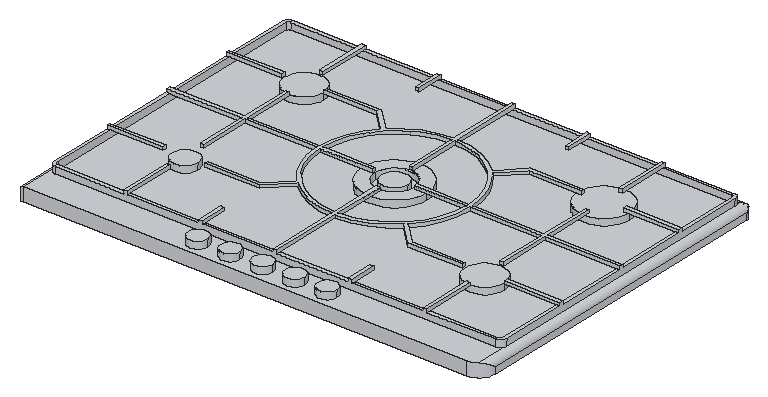
Revit family
Parameters
  s/s Thickness = 20 mm
  Width = 720 mm
  Stainless Steel = none
  Height from FFL = 900 mm
  Depth = 520 mm
  Cast Iron = none
  Burner Diameter = 60 mm
Reference planes
  plane 1: z = 0
  plane 2 "Center (Left/Right)": x = 0
  plane 3: x = -360
  plane 4: x = 360
  plane 5: y = 260
  plane 6: y = -260
  plane 7: z = 900
  plane 8: z = 920
  plane 9: y = 250
  plane 10: y = -235
  plane 11: x = -350
  plane 12: x = 350
  plane 13: z = 910
  plane 14: z = 930
  plane 15: z = 935
  plane 16: y = 0
  plane 17: y = -210
  plane 18: x = -100
  plane 19: x = -75
  plane 20: x = -50
  plane 21: x = -25
  plane 22: x = 100
  plane 23: x = 75
  plane 24: x = 50
  plane 25: x = 25
  plane 26: y = 135
  plane 27: y = -95
  plane 28: y = 20
  plane 29: x = -229.167
  plane 30: x = 229.167
  plane 31: y = 52.5
  plane 32: y = 102.5
  plane 33: y = -12.5
  plane 34: y = -62.5
  plane 35: y = -127.5
  plane 36: y = 167.5
  plane 37: x = -234.167
  plane 38: x = 234.167
  plane 39: x = -231.667
  plane 40: x = -347.5
  plane 41: x = -2.5
  plane 42: x = 2.5
  plane 43: x = 231.667
  plane 44: x = 347.5
  plane 45: x = -115.833
  plane 46: x = -345
  plane 47: x = 345
  plane 48: y = 22.5
  plane 49: y = 17.5
  plane 50: y = -92.5
  plane 51: y = -97.5
  plane 52: y = 132.5
  plane 53: y = 137.5
  plane 54: x = -118.333
  plane 55: x = -113.333
  plane 56: x = 115.833
  plane 57: x = 113.333
  plane 58: x = 118.333
  plane 59: x = -264.167
  plane 60: x = -199.167
  plane 61: x = -148.333
  plane 62: x = -83.333
  plane 63: x = -32.5
  plane 64: x = 199.167
  plane 65: x = 83.333
  plane 66: x = 264.167
  plane 67: x = 32.5
  plane 68: x = 148.333
  plane 69: through (-115.833, 135, 1219.2) normal (0.7071, 0.7071, 0)
  plane 70: through (-114.066, 136.768, 1219.2) normal (0.7071, 0.7071, 0)
  plane 71: through (-117.601, 133.232, 1219.2) normal (0.7071, 0.7071, 0)
  plane 72: through (115.833, 135, 1219.2) normal (0.7071, -0.7071, 0)
  plane 73: through (114.066, 136.768, 1219.2) normal (0.7071, -0.7071, 0)
  plane 74: through (117.601, 133.232, 1219.2) normal (0.7071, -0.7071, 0)
  plane 75: through (-115.833, -95, 1219.2) normal (-0.7071, 0.7071, 0)
  plane 76: through (-117.601, -93.232, 1219.2) normal (-0.7071, 0.7071, 0)
  plane 77: through (-114.066, -96.768, 1219.2) normal (-0.7071, 0.7071, 0)
  plane 78: through (115.833, -95, 1219.2) normal (-0.7071, -0.7071, 0)
  plane 79: through (114.066, -96.768, 1219.2) normal (-0.7071, -0.7071, 0)
  plane 80: through (117.601, -93.232, 1219.2) normal (-0.7071, -0.7071, 0)
Forms (mm)
  Extrusion 1, solid, material <- "Stainless Steel"
    sketch origin (0, 0, 0) x (1, 0, 0) y (0, 1, 0)
      loop
        arc (-350, 260) -> (-357.071, 257.071) -> (-360, 250) r 10
        line (-360, 250) -> (-360, -250)
        arc (-360, -250) -> (-357.071, -257.071) -> (-350, -260) r 10
        line (-350, -260) -> (335, -260)
        arc (335, -260) -> (352.678, -252.678) -> (360, -235) r 25
        line (360, -235) -> (360, 250)
        arc (360, 250) -> (357.071, 257.071) -> (350, 260) r 10
        line (350, 260) -> (-350, 260)
    from 900 to 920
  Extrusion 2, void
    sketch origin (0, 0, 0) x (1, 0, 0) y (0, 0, 1)
      loop
        arc (-360, 910) -> (-357.071, 917.071) -> (-350, 920) r 10
        line (-350, 920) -> (-360, 920) -> (-360, 910)
    from -260 to 260
  Extrusion 3, void
    sketch origin (0, 0, 0) x (1, 0, 0) y (0, 0, 1)
      loop
        line (360, 910) -> (360, 920) -> (350, 920)
        arc (350, 920) -> (357.071, 917.071) -> (360, 910) r 10
    from -260 to 260
  Extrusion 4, void
    sketch origin (0, 0, 0) x (0, 1, 0) y (0, 0, 1)
      loop
        line (260, 910) -> (260, 920) -> (250, 920)
        arc (250, 920) -> (257.071, 917.071) -> (260, 910) r 10
    from -360 to 360
  Sweep 5, solid
    path origin (0, 0, 0) x (1, 0, 0) y (0, 1, 0)
      loop
        line (340, 250) -> (-340, 250)
        arc (-340, 250) -> (-347.071, 247.071) -> (-350, 240) r 10
        line (-350, 240) -> (-350, -200)
        arc (-350, -200) -> (-347.071, -207.071) -> (-340, -210) r 10
        line (-340, -210) -> (340, -210)
        arc (340, -210) -> (347.071, -207.071) -> (350, -200) r 10
        line (350, -200) -> (350, 240)
        arc (350, 240) -> (347.071, 247.071) -> (340, 250) r 10
    profile origin (0, 250, 0) x (0, -1, 0) y (0, 0, 1)
      loop
        line (5, 920) -> (5, 930) -> (0, 930) -> (0, 920) -> (5, 920)
  Extrusion 6, solid
    sketch origin (0, 0, 0) x (1, 0, 0) y (0, 1, 0)
      loop
        circle (0, -235) r 15
    from 920 to 930
  Extrusion 7, solid
    sketch origin (0, 0, 0) x (1, 0, 0) y (0, 1, 0)
      loop
        circle (-50, -235) r 15
    from 920 to 930
  Extrusion 8, solid
    sketch origin (0, 0, 0) x (1, 0, 0) y (0, 1, 0)
      loop
        circle (-100, -235) r 15
    from 920 to 930
  Extrusion 9, solid
    sketch origin (0, 0, 0) x (1, 0, 0) y (0, 1, 0)
      loop
        circle (50, -235) r 15
    from 920 to 930
  Extrusion 10, solid
    sketch origin (0, 0, 0) x (1, 0, 0) y (0, 1, 0)
      loop
        circle (100, -235) r 15
    from 920 to 930
  Extrusion 11, solid
    sketch origin (0, 0, 0) x (1, 0, 0) y (0, 1, 0)
      loop
        circle (0, 20) r 50
      loop
        circle (0, 20) r 30
      loop
        circle (0, 20) r 20
    from 920 to 930
  Extrusion 12, solid
    sketch origin (0, 0, 0) x (1, 0, 0) y (0, 1, 0)
      loop
        circle (-231.667, 135) r 30
    from 920 to 930
  Extrusion 13, solid
    sketch origin (0, 0, 0) x (1, 0, 0) y (0, 1, 0)
      loop
        circle (-231.667, -95) r 20
    from 920 to 930
  Extrusion 14, solid
    sketch origin (0, 0, 0) x (1, 0, 0) y (0, 1, 0)
      loop
        circle (231.667, 135) r 40
    from 920 to 930
  Extrusion 15, solid
    sketch origin (0, 0, 0) x (1, 0, 0) y (0, 1, 0)
      loop
        circle (231.667, -95) r 30
    from 920 to 930
  Extrusion 16, solid
    sketch origin (0, 0, 0) x (1, 0, 0) y (0, 1, 0)
      loop
        line (-234.167, 250) -> (-234.167, 167.5) -> (-229.167, 167.5) -> (-229.167, 250) -> (-234.167, 250)
      loop
        line (-350, 137.5) -> (-350, 132.5) -> (-264.167, 132.5) -> (-264.167, 137.5) -> (-350, 137.5)
      loop
        line (-234.167, 102.5) -> (-234.167, 22.5) -> (-350, 22.5) -> (-350, 17.5) -> (-234.167, 17.5) -> (-234.167, -62.5) -> (-229.167, -62.5) -> (-229.167, 17.5) -> (-118.307, 17.5)
        arc (-118.307, 17.5) -> (-109.438, -25.012) -> (-85.83, -61.461) r 118.333
        line (-85.83, -61.461) -> (-116.869, -92.5) -> (-199.167, -92.5) -> (-199.167, -97.5) -> (-114.798, -97.5) -> (-82.312, -65.014)
        arc (-82.312, -65.014) -> (-45.556, -89.213) -> (-2.5, -98.307) r 118.333
        line (-2.5, -98.307) -> (-2.5, -210) -> (2.5, -210) -> (2.5, -98.307)
        arc (2.5, -98.307) -> (45.556, -89.213) -> (82.312, -65.014) r 118.333
        line (82.312, -65.014) -> (114.798, -97.5) -> (199.167, -97.5) -> (199.167, -92.5) -> (116.869, -92.5) -> (85.83, -61.461)
        arc (85.83, -61.461) -> (109.438, -25.012) -> (118.307, 17.5) r 118.333
        line (118.307, 17.5) -> (229.167, 17.5) -> (229.167, -62.5) -> (234.167, -62.5) -> (234.167, 17.5) -> (350, 17.5) -> (350, 22.5) -> (234.167, 22.5) -> (234.167, 102.5) -> (229.167, 102.5) -> (229.167, 22.5) -> (118.307, 22.5)
        arc (118.307, 22.5) -> (109.438, 65.012) -> (85.83, 101.461) r 118.333
        line (85.83, 101.461) -> (116.869, 132.5) -> (199.167, 132.5) -> (199.167, 137.5) -> (114.798, 137.5) -> (82.312, 105.014)
        arc (82.312, 105.014) -> (45.556, 129.213) -> (2.5, 138.307) r 118.333
        line (2.5, 138.307) -> (2.5, 250) -> (-2.5, 250) -> (-2.5, 138.307)
        arc (-2.5, 138.307) -> (-45.556, 129.213) -> (-82.312, 105.014) r 118.333
        line (-82.312, 105.014) -> (-114.798, 137.5) -> (-199.167, 137.5) -> (-199.167, 132.5) -> (-116.869, 132.5) -> (-85.83, 101.461)
        arc (-85.83, 101.461) -> (-109.438, 65.012) -> (-118.307, 22.5) r 118.333
        line (-118.307, 22.5) -> (-229.167, 22.5) -> (-229.167, 102.5) -> (-234.167, 102.5)
      loop
        line (-32.5, 17.5) -> (-113.306, 17.5)
        arc (-113.306, 17.5) -> (-80.139, -60.139) -> (-2.5, -93.306) r 113.333
        line (-2.5, -93.306) -> (-2.5, -12.5) -> (2.5, -12.5) -> (2.5, -93.306)
        arc (2.5, -93.306) -> (80.139, -60.139) -> (113.306, 17.5) r 113.333
        line (113.306, 17.5) -> (32.5, 17.5) -> (32.5, 22.5) -> (113.306, 22.5)
        arc (113.306, 22.5) -> (80.139, 100.139) -> (2.5, 133.306) r 113.333
        line (2.5, 133.306) -> (2.5, 52.5) -> (-2.5, 52.5) -> (-2.5, 133.306)
        arc (-2.5, 133.306) -> (-80.139, 100.139) -> (-113.306, 22.5) r 113.333
        line (-113.306, 22.5) -> (-32.5, 22.5) -> (-32.5, 17.5)
      loop
        line (-234.167, -127.5) -> (-234.167, -210) -> (-229.167, -210) -> (-229.167, -127.5) -> (-234.167, -127.5)
      loop
        line (-350, -92.5) -> (-350, -97.5) -> (-264.167, -97.5) -> (-264.167, -92.5) -> (-350, -92.5)
      loop
        line (350, -92.5) -> (264.167, -92.5) -> (264.167, -97.5) -> (350, -97.5) -> (350, -92.5)
      loop
        line (229.167, -127.5) -> (229.167, -210) -> (234.167, -210) -> (234.167, -127.5) -> (229.167, -127.5)
      loop
        line (229.167, 250) -> (229.167, 167.5) -> (234.167, 167.5) -> (234.167, 250) -> (229.167, 250)
      loop
        line (264.167, 137.5) -> (264.167, 132.5) -> (350, 132.5) -> (350, 137.5) -> (264.167, 137.5)
      loop
        line (-118.333, 250) -> (-118.333, 208.75) -> (-113.333, 208.75) -> (-113.333, 250) -> (-118.333, 250)
      loop
        line (-118.333, -210) -> (-113.333, -210) -> (-113.333, -168.75) -> (-118.333, -168.75) -> (-118.333, -210)
      loop
        line (113.333, 250) -> (113.333, 208.75) -> (118.333, 208.75) -> (118.333, 250) -> (113.333, 250)
      loop
        line (113.333, -168.75) -> (113.333, -210) -> (118.333, -210) -> (118.333, -168.75) -> (113.333, -168.75)
    from 930 to 935
Cuts and joins
  Extrusion 2, Extrusion 3, Extrusion 4 cuts Extrusion 1
  joined: Sweep 5, Extrusion 16
Lines and regions (mm)
  model lines
    curve 1: circle (0, 20, 920) r 80 normal (0, 0, 1)
    curve 2: circle (0, 20, 920) r 85 normal (0, 0, 1)
Dimensions and locks
  "Width": plane 3 to plane 4
  equal spacing: plane 3, plane 2 "Center (Left/Right)", plane 4
  "Depth": plane 6 to plane 5
  equal spacing: plane 6, plane 16, plane 5
  "Height from FFL": plane 7 to level
  "s/s Thickness": plane 8 to plane 7
  locked: plane 9 to plane 5 at 10
  locked: plane 3 to plane 11 at 10
  locked: plane 12 to plane 4 at 10
  locked: plane 8 to plane 13 at 10
  plane 15 to plane 14 to plane 8 = 5 mm locked, 10 mm locked
  plane 6 to plane 17 = 50 mm
  equal spacing: plane 6, plane 10, plane 17
  plane 18 to plane 19 to plane 20 to plane 21 to plane 2 "Center (Left/Right)" to plane 25 to plane 24 to plane 23 to plane 22 = 25 mm, 25 mm, 25 mm, 25 mm, 25 mm, 25 mm, 25 mm, 25 mm
  equal spacing: plane 17, plane 27, plane 28, plane 26, plane 9
  plane 59 to plane 37 to plane 39 to plane 29 to plane 60 = 30 mm locked, 2.5 mm locked, 2.5 mm locked, 30 mm locked
  plane 64 to plane 30 to plane 43 to plane 38 to plane 66 = 30 mm locked, 2.5 mm locked, 2.5 mm locked, 30 mm locked
  plane 11 to plane 40 to plane 46 = 2.5 mm locked, 2.5 mm locked
  plane 63 to plane 41 to plane 2 "Center (Left/Right)" to plane 42 to plane 67 = 30 mm locked, 2.5 mm locked, 2.5 mm locked, 30 mm locked
  plane 47 to plane 44 to plane 12 = 2.5 mm locked, 2.5 mm locked
  equal spacing: plane 40, plane 39, plane 45, plane 2 "Center (Left/Right)"
  equal spacing: plane 2 "Center (Left/Right)", plane 56, plane 43, plane 44
  plane 65 to plane 57 to plane 56 to plane 58 to plane 68 = 30 mm locked, 2.5 mm locked, 2.5 mm locked, 30 mm locked
  plane 61 to plane 54 to plane 45 to plane 55 to plane 62 = 30 mm locked, 2.5 mm locked, 2.5 mm locked, 30 mm locked
  plane 36 to plane 53 to plane 26 to plane 52 to plane 32 = 30 mm locked, 2.5 mm locked, 2.5 mm locked, 30 mm locked
  plane 33 to plane 49 to plane 28 to plane 48 to plane 31 = 30 mm locked, 2.5 mm locked, 2.5 mm locked, 30 mm locked
  plane 34 to plane 50 to plane 27 to plane 51 to plane 35 = 30 mm locked, 2.5 mm locked, 2.5 mm locked, 30 mm locked
  equal spacing: plane 36, Extrusion 16 sketch curve, plane 9  (x2)
  equal spacing: plane 35, Extrusion 16 sketch curve, plane 17
  equal spacing: plane 17, Extrusion 16 sketch curve, plane 35
  plane 70 to plane 69 to plane 71 = 2.5 mm locked, 2.5 mm locked
  plane 74 to plane 72 to plane 73 = 2.5 mm locked, 2.5 mm locked
  plane 76 to plane 75 to plane 77 = 2.5 mm locked, 2.5 mm locked
  plane 79 to plane 78 to plane 80 = 2.5 mm locked, 2.5 mm locked
  angle plane 45 to plane 69 = 45.00°
  locked: plane 72 to plane 56 (angle 45.00°)
  locked: plane 75 to plane 45 (angle 45.00°)
  locked: plane 56 to plane 78 (angle 45.00°)
  aligned and locked: plane 5 to Extrusion 1 sketch curve
  aligned and locked: plane 3 to Extrusion 1 sketch curve
  aligned and locked: Extrusion 1 sketch curve to plane 6
  aligned and locked: Extrusion 1 sketch curve to plane 4
  aligned and locked: Extrusion 1 to plane 7
  aligned and locked: plane 8 to Extrusion 1
  aligned and locked: plane 8 to Extrusion 2 sketch curve
  aligned and locked: Extrusion 2 sketch curve to plane 3
  aligned and locked: plane 11 to Extrusion 2 sketch curve
  aligned and locked: plane 13 to Extrusion 2 sketch curve
  aligned and locked: Extrusion 2 to plane 5
  aligned and locked: plane 6 to Extrusion 2
  aligned and locked: plane 8 to Extrusion 3 sketch curve
  aligned and locked: plane 4 to Extrusion 3 sketch curve
  aligned and locked: plane 13 to Extrusion 3 sketch curve
  aligned and locked: plane 12 to Extrusion 3 sketch curve
  aligned and locked: Extrusion 3 to plane 5
  aligned and locked: plane 6 to Extrusion 3
  aligned and locked: plane 8 to Extrusion 4 sketch curve
  aligned and locked: Extrusion 4 sketch curve to plane 5
  aligned and locked: plane 9 to Extrusion 4 sketch curve
  aligned and locked: plane 13 to Extrusion 4 sketch curve
  aligned and locked: Extrusion 4 to plane 3
  aligned and locked: plane 4 to Extrusion 4
  aligned and locked: Sweep 5 sketch curve to plane 9  (x2)
  aligned and locked: Sweep 5 sketch curve to plane 11
  aligned and locked: Sweep 5 sketch curve to plane 8
  aligned and locked: plane 14 to Sweep 5 sketch curve
  aligned and locked: Sweep 5 sketch curve to plane 12
  aligned and locked: Sweep 5 sketch curve to plane 17
  aligned and locked: plane 14 to Extrusion 10
  aligned and locked: plane 14 to Extrusion 9
  aligned and locked: plane 14 to Extrusion 6
  aligned and locked: plane 14 to Extrusion 7
  aligned and locked: plane 14 to Extrusion 8
  aligned and locked: Extrusion 10 to plane 8
  aligned and locked: Extrusion 9 to plane 8
  aligned and locked: Extrusion 6 to plane 8
  aligned and locked: Extrusion 7 to plane 8
  aligned and locked: Extrusion 8 to plane 8
  aligned and locked: plane 14 to Extrusion 11
  aligned and locked: Extrusion 11 to plane 8
  aligned and locked: plane 14 to Extrusion 15
  aligned and locked: plane 14 to Extrusion 14
  aligned and locked: plane 14 to Extrusion 13
  aligned and locked: plane 14 to Extrusion 12
  aligned and locked: Extrusion 13 to plane 8
  aligned and locked: Extrusion 12 to plane 8
  aligned and locked: Extrusion 15 to plane 8
  aligned and locked: Extrusion 14 to plane 8
  aligned and locked: plane 9 to Extrusion 16 sketch curve  (x3)
  aligned and locked: Extrusion 16 sketch curve to plane 29  (x4)
  aligned and locked: plane 37 to Extrusion 16 sketch curve  (x4)
  aligned and locked: plane 36 to Extrusion 16 sketch curve
  aligned and locked: plane 53 to Extrusion 16 sketch curve  (x3)
  aligned and locked: Extrusion 16 sketch curve to plane 52  (x2)
  aligned and locked: plane 11 to Extrusion 16 sketch curve  (x3)
  aligned and locked: Extrusion 16 sketch curve to plane 59  (x2)
  aligned and locked: plane 32 to Extrusion 16 sketch curve  (x2)
  aligned and locked: plane 48 to Extrusion 16 sketch curve  (x5)
  aligned and locked: Extrusion 16 sketch curve to plane 49  (x5)
  aligned and locked: plane 34 to Extrusion 16 sketch curve  (x2)
  aligned and locked: Extrusion 16 sketch curve to plane 63
  aligned and locked: plane 50 to Extrusion 16 sketch curve  (x2)
  aligned and locked: Extrusion 16 sketch curve to plane 51  (x2)
  aligned and locked: plane 35 to Extrusion 16 sketch curve  (x2)
  aligned and locked: Extrusion 16 sketch curve to plane 17  (x4)
  aligned and locked: plane 41 to Extrusion 16 sketch curve  (x3)
  aligned and locked: Extrusion 16 sketch curve to plane 42  (x3)
  aligned and locked: Extrusion 16 sketch curve to plane 33
  aligned and locked: plane 67 to Extrusion 16 sketch curve
  aligned and locked: Extrusion 16 sketch curve to plane 12
  aligned and locked: plane 30 to Extrusion 16 sketch curve  (x3)
  aligned and locked: Extrusion 16 sketch curve to plane 38  (x3)
  aligned and locked: Extrusion 16 sketch curve to plane 66
  aligned and locked: Extrusion 16 sketch curve to plane 50  (x2)
  aligned and locked: plane 51 to Extrusion 16 sketch curve  (x2)
  aligned and locked: plane 12 to Extrusion 16 sketch curve
  aligned and locked: Extrusion 16 sketch curve to plane 31
  aligned and locked: plane 54 to Extrusion 16 sketch curve
  aligned and locked: Extrusion 16 sketch curve to plane 55
  aligned and locked: plane 55 to Extrusion 16 sketch curve
  aligned and locked: Extrusion 16 sketch curve to plane 54
  aligned and locked: plane 17 to Extrusion 16 sketch curve
  aligned and locked: Extrusion 16 sketch curve to plane 58  (x2)
  aligned and locked: plane 57 to Extrusion 16 sketch curve  (x2)
  aligned and locked: plane 15 to Extrusion 16
  aligned and locked: Extrusion 16 to plane 14
  aligned and locked: plane 52 to Extrusion 16 sketch curve
  aligned and locked: plane 60 to Extrusion 16 sketch curve  (x2)
  aligned and locked: Extrusion 16 sketch curve to plane 70
  aligned and locked: Extrusion 16 sketch curve to plane 71
  aligned and locked: Extrusion 16 sketch curve to plane 64  (x2)
  aligned and locked: Extrusion 16 sketch curve to plane 74
  aligned and locked: plane 73 to Extrusion 16 sketch curve
  aligned and locked: plane 76 to Extrusion 16 sketch curve
  aligned and locked: Extrusion 16 sketch curve to plane 77
  aligned and locked: Extrusion 16 sketch curve to plane 79
  aligned and locked: plane 80 to Extrusion 16 sketch curve
Automatic sketch dimensions
  Extrusion 1 sketch curve to plane 11 = 0 mm  (x2)
  Extrusion 1 sketch curve to plane 10 = 0 mm
  Extrusion 1 sketch curve to plane 12 = 0 mm
  plane 46 to Sweep 5 sketch curve = 5 mm  (x2)
  Sweep 5 sketch curve to plane 47 = 5 mm  (x2)
  Sweep 5 sketch curve to profile plane = 5 mm
  Extrusion 6 sketch curve to plane 2 "Center (Left/Right)" = 0 mm
  Extrusion 6 sketch curve to plane 10 = 0 mm
  Extrusion 7 sketch curve to plane 10 = 0 mm
  Extrusion 7 sketch curve to plane 20 = 0 mm
  Extrusion 8 sketch curve to plane 10 = 0 mm
  Extrusion 8 sketch curve to plane 18 = 0 mm
  Extrusion 9 sketch curve to plane 10 = 0 mm
  Extrusion 9 sketch curve to plane 24 = 0 mm
  Extrusion 10 sketch curve to plane 10 = 0 mm
  Extrusion 10 sketch curve to plane 22 = 0 mm
  Extrusion 12 sketch curve to plane 26 = 0 mm
  Extrusion 12 sketch curve to plane 39 = 0 mm
  Extrusion 13 sketch curve to plane 27 = 0 mm
  Extrusion 13 sketch curve to plane 39 = 0 mm
  Extrusion 14 sketch curve to plane 26 = 0 mm
  Extrusion 14 sketch curve to plane 43 = 0 mm
  Extrusion 15 sketch curve to plane 27 = 0 mm
  Extrusion 15 sketch curve to plane 43 = 0 mm
  Extrusion 11 sketch curve to Extrusion 11 sketch curve = 0 mm  (x6)
  Extrusion 11 sketch curve to plane 2 "Center (Left/Right)" = 0 mm
  Extrusion 11 sketch curve to plane 28 = 0 mm
  Extrusion 16 sketch curve to Extrusion 16 sketch curve = 0 mm  (x22)
  Extrusion 16 sketch curve to plane 9 = 0 mm  (x2)
  Extrusion 16 sketch curve to plane 41 = 0 mm
  Extrusion 16 sketch curve to plane 2 "Center (Left/Right)" = 0 mm
  Extrusion 16 sketch curve to plane 42 = 0 mm
  Extrusion 16 sketch curve to plane 49 = 0 mm
  Extrusion 16 sketch curve to plane 48 = 0 mm
  Extrusion 16 sketch curve to plane 30 = 0 mm
  Extrusion 16 sketch curve to plane 36 = 0 mm
  Extrusion 16 sketch curve to plane 38 = 0 mm
  Extrusion 16 sketch curve to plane 52 = 0 mm
  Extrusion 16 sketch curve to plane 66 = 0 mm
  Extrusion 16 sketch curve to plane 12 = 0 mm
  Extrusion 16 sketch curve to plane 28 = 0 mm
  Extrusion 16 sketch curve to plane 53 = 0 mm
  plane 54 to Extrusion 16 sketch curve = 0.026 mm  (x2)
  plane 55 to Extrusion 16 sketch curve = 0.028 mm  (x2)
  plane 62 to Extrusion 16 sketch curve = 1.021 mm  (x2)
  Extrusion 16 sketch curve to plane 65 = 1.021 mm  (x2)
  plane 32 to Extrusion 16 sketch curve = 1.039 mm
  Extrusion 16 sketch curve to plane 57 = 0.028 mm  (x2)
  plane 34 to Extrusion 16 sketch curve = 1.039 mm
  curve 1 to curve 2 = 0 mm  (x2)
  curve 2 to plane 2 "Center (Left/Right)" = 0 mm
  curve 2 to plane 28 = 0 mm
  radius of Extrusion 6 sketch curve = 15 mm
  radius of Extrusion 7 sketch curve = 15 mm
  radius of Extrusion 8 sketch curve = 15 mm
  radius of Extrusion 9 sketch curve = 15 mm
  radius of Extrusion 10 sketch curve = 15 mm
  radius of Extrusion 12 sketch curve = 30 mm
  radius of Extrusion 13 sketch curve = 20 mm
  radius of Extrusion 14 sketch curve = 40 mm
  radius of Extrusion 15 sketch curve = 30 mm
  radius of Extrusion 11 sketch curve = 50 mm
  radius of Extrusion 11 sketch curve = 30 mm
  radius of Extrusion 11 sketch curve = 20 mm
  radius of curve 1 = 80 mm
  radius of curve 2 = 85 mm
